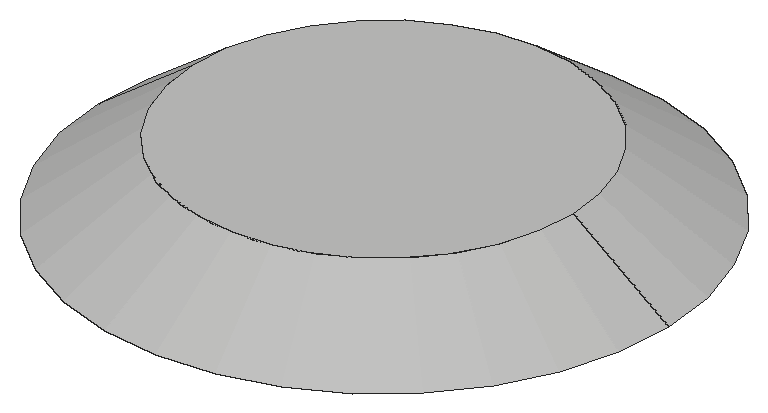
Revit family "Taktila - Objekt 1 - Knotter - (Ø30) - NCS3000", category Generic Models, Revit 2023
Family settings
  Can host rebar = No
  Round Connector Dimension = Use Diameter
  Part Type = Normal
  Work Plane-Based = No
  Always vertical = Yes
  Cut with Voids When Loaded = No
  Maintain Annotation Orientation = No
  Shared = No
  Room Calculation Point = No
Parameters
  Sklisikkerhet [instance] = "R10 (Ihht. DIN 51130-2104)"
  Mål [instance] = "Ø: 30mm / H: 3,6mm"
  Materiale [instance] = "Resirkulert nylon plast. PA 15%gf"
  Material [instance] = Taktila - Lys Grå
  Innfesting [instance] = "3M™ VHB™ tape"
  Farge [instance] = "NCS3000-N - Lys Grå"
  EDP [instance] = "Miljødeklarasjon"
  Default Elevation = 0 mm
Reference planes
  plane 1 "Center (Front/Back)": y = 0
  plane 2: z = 0
  plane 3 "Center (Left/Right)": x = 0
Forms (mm)
  Blend 1, solid, material "Taktila - Lys Grå" <- "Material"
    base sketch origin (0, 0, 0) x (1, 0, 0) y (0, 1, 0)
      loop
        circle (0, 0) r 15
    top sketch origin (0, 0, 0) x (1, 0, 0) y (0, 1, 0)
      loop
        circle (0, 0) r 10
    from 0 to 3.6
Dimensions and locks
  aligned and locked: level to plane 2
